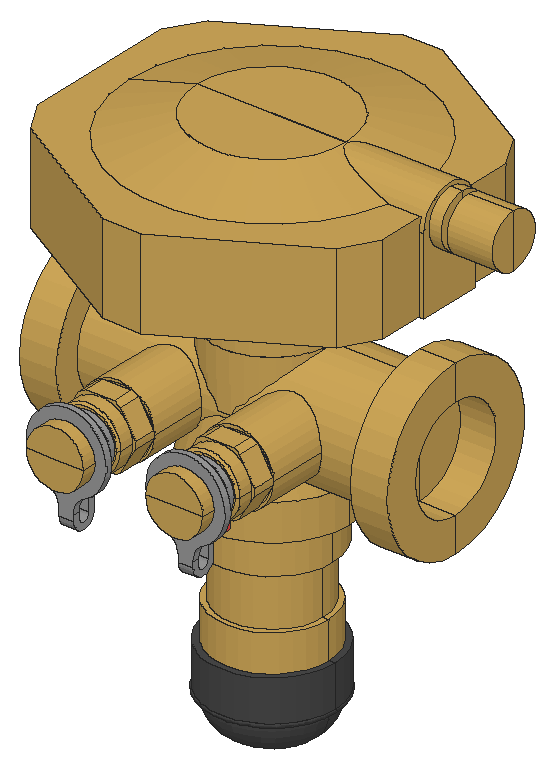
Revit family "Pressure independent control valve 4206_M", category Rohrzubehör, Revit 2018
Family settings
  Bemaßung runder Anschluss = Durchmesser verwenden
  Teiletyp = Unterbricht
  OmniClass-Nummer = 23.65.55.14
  OmniClass-Titel = Valves for Liquid Services
  Arbeitsebenenbasiert = Nein
  Immer vertikal = Ja
  Beim Laden mit Abzugskörper schneiden = Nein
  Gemeinsam genutzt = Nein
Parameters
  min. Operating temperature (antifreeze) = -20 °C  # constant formula
  max. Operating temperature till DN32 = 130 °C  # constant formula
  max. Operating temperature from DN40 = 110 °C  # constant formula
  max. Operating pressure = 2500000.0 Pa  # constant formula
  URL = "www.herzvalves.com"
  Pin = "stainless steel 14301"  # constant formula
  SCRNSEQ = "ARM;ARM_TYP=\"DURR\";2"
  SCRNCODE = "05;04;02"  # constant formula
  S03 [instance] = H08 + (S02 / 2)  # 46.750 mm
  S02 [instance] = H09 + 4.700 mm  # 26.500 mm
  S01 [instance] = G01 * 2  # 42.000 mm
  R12 = 3.900 mm  # constant formula
  R11 = 6.500 mm  # constant formula
  R10 = 35.000 mm  # constant formula
  R09 = 18.250 mm  # constant formula
  R08 = 11.300 mm  # constant formula
  R07 [instance] = size_lookup("4206M_", "R7", 17.300 mm, Nennweite)  # 17.300 mm
  R06 [instance] = size_lookup("4206M_", "R6", 19.000 mm, Nennweite)  # 19.000 mm
  R05 = 15.000 mm  # constant formula
  R04 = 12.500 mm  # constant formula
  R02 [instance] = size_lookup("4206M_", "R2", 15.000 mm, Nennweite)  # 15.000 mm
  R01 [instance] = size_lookup("4206M_", "R1", 11.500 mm, Nennweite)  # 14.800 mm
  PN = 25  # constant formula
  O-Rings = "EPDM"  # constant formula
  Nennweite [instance] = 25.000 mm
  min. Operating temperature (pure water) = 2 °C  # constant formula
  Membrane housing = "brass CW602N"  # constant formula
  Membrane = "EPDM"  # constant formula
  Medium = "water purity in accordance with the ÖNORM H5195 and VDI 2035 standards\r\nthe use of ethylene and propylene glycol in a mixture ratio of 25 - 50% by volume [%] is permitted."
  L06 [instance] = L00 / 2  # 45.000 mm
  L05 = 11.000 mm  # constant formula
  L04 = 1.500 mm  # constant formula
  L03 = 3.200 mm  # constant formula
  L02 = 43.500 mm  # constant formula
  L01 [instance] = size_lookup("4206M_", "L1", 8.000 mm, Nennweite)  # 8.900 mm
  L00 [instance] = size_lookup("4206M_", "L", 66.000 mm, Nennweite)  # 90.000 mm
  Capillary pipe = "copper Cu-DHP (CW024A)"  # constant formula
  Stroke = 4.000 mm  # constant formula
  Hersteller = "Herz-Armaturen GmbH"  # constant formula
  H13 [instance] = H02 - H05 - H03 - H04 - 2.000 mm  # 21.700 mm
  H12 = 19.250 mm  # constant formula
  H11 [instance] = size_lookup("4206M_", "H11", 59.000 mm, Nennweite)  # 60.000 mm
  H10 [instance] = H08 + H09  # 55.300 mm
  H09 = 21.800 mm  # constant formula
  H08 [instance] = H01 + H06 + H07  # 33.500 mm
  H07 = 4.000 mm  # constant formula
  H06 [instance] = size_lookup("4206M_", "H6", 10.000 mm, Nennweite)  # 10.000 mm
  H05 = 9.000 mm  # constant formula
  H04 [instance] = size_lookup("4206M_", "H4", 9.600 mm, Nennweite)  # 9.600 mm
  H03 [instance] = size_lookup("4206M_", "H3", 13.000 mm, Nennweite)  # 13.000 mm
  H02 [instance] = size_lookup("4206M_", "H2", 55.300 mm, Nennweite)  # 55.300 mm
  H01 [instance] = size_lookup("4206M_", "H1", 18.500 mm, Nennweite)  # 19.500 mm
  Housing = "DZR brass CC770S"  # constant formula
  G03 [instance] = Nennweite / 2  # 12.500 mm
  G02 [instance] = size_lookup("4206M_", "G2", 13.900 mm, Nennweite)  # 13.900 mm
  G01 [instance] = size_lookup("4206M_", "G1", 13.200 mm, Nennweite)  # 21.000 mm
  Spring = "spring steel"  # constant formula
  DN50 [instance] = Nennweite = 50.000 mm  # no
  DN40 [instance] = Nennweite = 40.000 mm  # no
  DN32 [instance] = Nennweite = 32.000 mm  # no
  DN25 [instance] = Nennweite = 25.000 mm  # yes
  DN20 [instance] = Nennweite = 20.000 mm  # no
  DN15 [instance] = Nennweite = 15.000 mm  # no
  Bestellnummer [instance] = size_lookup("4206M_", "Artnr", 0, Nennweite)  # 1420613
  Protective cap = "plastic"  # constant formula
  Applicaton = "the Pressure Independent Balancing Control Valve (PIBCV) is used in all heating and cooling systems with circulation pumps.\r\nthe valve automatically maintains flow to the required part of the system at the set rate by measuring and immediately adjusting to any variation in pressure.\r\nno additional measurements are necessary and the correct flow rate is achieved at all operating conditions.\r\nthe diaphragm responds to the pressure upstream and downstream of the regulating valve (via an internal impulse line).\r\nthe valve settings directly affect the volumetric flow through the valve.\r\nit is thus possible to set the maximum flow rate based on the flow chart when the valve is fitted.\r\nthis allows for the balancing of heating circuits, cooling water systems, ceiling cooling and heating panels, air heaters, etc. without any need to first assess the pressure variations in the system.\r\nthe valve‘s principal application is as a control valve for terminal units."
Reference planes
  plane 1 "Mitte (Vorne/hinten)": y = 0
  plane 2: z = 0
  plane 3 "Mitte (Links/rechts)": x = 0
Forms (mm)
  Revolve 1, solid, material "Messing, weicher Gelbton, geschweißt", detail levels fine
    sketch origin (0, 0, 0) x (1, 0, 0) y (0, 0, 1)
      loop
        line (-36.1, 0) -> (36.1, 0) -> (36.1, 12.5) -> (45, 12.5) -> (45, 21) -> (36.1, 21) -> (36.1, 14.8) -> (-36.1, 14.8) -> (-36.1, 21) -> (-45, 21) -> (-45, 12.5) -> (-36.1, 12.5) -> (-36.1, 0)
      axis (-45, 0) -> (45, 0)
    angle from 0 to 360
  Revolve 2, solid, material "Messing, weicher Gelbton, geschweißt", detail levels fine
    sketch origin (0, 0, 0) x (1, 0, 0) y (0, 0, 1)
      loop
        line (0, -55.3) -> (0, 19.5) -> (-15, 19.5) -> (-15, 14.8) -> (-14.8, 0) -> (-19, -14.8) -> (-19, -23.7) -> (-15, -23.7) -> (-15, -33.3) -> (-12.5, -33.3) -> (-12.5, -46.3) -> (-13.9, -46.3) -> (-13.9, -55.3) -> (0, -55.3)
      axis (0, 19.5) -> (0, -55.3)
    angle from 0 to 360
  Revolve 3, solid, material "Messing, weicher Gelbton, geschweißt", detail levels fine
    sketch origin (0, 0, 0) x (1, 0, 0) y (0, 0, 1)
      loop
        line (0, 19.5) -> (0, 33.5) -> (-11.3, 33.5) -> (-11.3, 29.5) -> (-17.3, 29.5) -> (-17.3, 19.5) -> (0, 19.5)
      axis (0, 33.5) -> (0, 19.5)
    angle from 0 to 360
  Extrusion 4, solid, material "Messing, weicher Gelbton, geschweißt", detail levels fine
    sketch origin (0, 0, 0) x (0, -1, 0) y (1, 0, 0)
      loop
        line (-46, -4.75) -> (-27.114, -37.462) -> (-18.886, -42.212) -> (18.886, -42.212) -> (27.114, -37.462) -> (46, -4.75) -> (46, 4.75) -> (27.114, 37.462) -> (18.886, 42.212) -> (-18.886, 42.212) -> (-27.114, 37.462) -> (-46, 4.75) -> (-46, -4.75)
    from 33.5 to 55.3
  Revolve 5, solid, material "Messing, weicher Gelbton, geschweißt", detail levels fine
    sketch origin (0, 0, 0) x (1, 0, 0) y (0, 0, 1)
      loop
        line (0, 55.3) -> (0, 60) -> (-18.25, 60) -> (-35, 55.3) -> (0, 55.3)
      axis (0, 60) -> (0, 55.3)
    angle from 0 to 360
  Extrusion 6, solid, material "Messing, weicher Gelbton, geschweißt", detail levels fine
    sketch origin (0, 0, 0) x (0, 1, 0) y (0, 0, 1)
      loop
        arc (7.85, 52.15) -> (0, 60) -> (-7.85, 52.15) r 7.85
        line (-7.85, 52.15) -> (-7.85, 33.5) -> (7.85, 33.5) -> (7.85, 52.15)
    from 0 to 43.5
  Revolve 7, solid, material "Messing, weicher Gelbton, geschweißt", detail levels fine
    sketch origin (0, 0, 0) x (1, 0, 0) y (0, 0, 1)
      loop
        line (43.5, 52.75) -> (59.2, 52.75) -> (59.2, 59.25) -> (48.2, 59.25) -> (48.2, 56.65) -> (46.7, 56.65) -> (46.7, 59.25) -> (43.5, 59.25) -> (43.5, 52.75)
      axis (43.5, 52.75) -> (59.2, 52.75)
    angle from 0 to 360
  Revolve 8, solid, material "Messing, weicher Gelbton, geschweißt", visible <- "DN15", detail levels fine
    sketch origin (0, 0, 0) x (1, 0, 0) y (0, 1, 0)
      loop
        line (-12.5, 24) -> (-20.2, 24) -> (-20.2, 0) -> (-21.5, 0) -> (-21.5, -27) -> (-12.5, -27) -> (-12.5, 24)
      axis (-12.5, 24) -> (-12.5, -27)
    angle from 0 to 360
  Revolve 9, solid, material "Messing, weicher Gelbton, geschweißt", visible <- "DN15", detail levels fine
    sketch origin (-12.5, 0, 0) x (0, 1, 0) y (0, 0, 1)
      loop
        line (24, 0) -> (39.7, 0) -> (39.7, 6.5) -> (28.7, 6.5) -> (28.7, 3.9) -> (27.2, 3.9) -> (27.2, 6.5) -> (24, 6.5) -> (24, 0)
      axis (24, 0) -> (39.7, 0)
    angle from 0 to 360
  Revolve 10, solid, material "Messing, weicher Gelbton, geschweißt", visible <- "DN15", detail levels fine
    sketch origin (0, 0, 0) x (1, 0, 0) y (0, 1, 0)
      loop
        line (12.5, 0) -> (12.5, -27) -> (21.6, -27) -> (21.6, 0) -> (12.5, 0)
      axis (12.5, 0) -> (12.5, -27)
    angle from 0 to 360
  Revolve 11, solid, material "Messing, weicher Gelbton, geschweißt", visible <- "DN20", detail levels fine
    sketch origin (-2, 0, 0) x (1, 0, 0) y (0, 1, 0)
      loop
        line (-12.5, 27) -> (-20.2, 27) -> (-20.2, 0) -> (-21.5, 0) -> (-21.5, -29) -> (-12.5, -29) -> (-12.5, 27)
      axis (-12.5, 27) -> (-12.5, -29)
    angle from 0 to 360
  Revolve 12, solid, material "Messing, weicher Gelbton, geschweißt", visible <- "DN20", detail levels fine
    sketch origin (2, 0, 0) x (1, 0, 0) y (0, 1, 0)
      loop
        line (12.5, 0) -> (12.5, -29) -> (21.6, -29) -> (21.6, 0) -> (12.5, 0)
      axis (12.5, 0) -> (12.5, -29)
    angle from 0 to 360
  Revolve 13, solid, material "Messing, weicher Gelbton, geschweißt", visible <- "DN20", detail levels fine
    sketch origin (-14.5, 3, 0) x (0, 1, 0) y (0, 0, 1)
      loop
        line (24, 0) -> (39.7, 0) -> (39.7, 6.5) -> (28.7, 6.5) -> (28.7, 3.9) -> (27.2, 3.9) -> (27.2, 6.5) -> (24, 6.5) -> (24, 0)
      axis (24, 0) -> (39.7, 0)
    angle from 0 to 360
  Revolve 14, solid, material "Messing, weicher Gelbton, geschweißt", visible <- "DN25", detail levels fine
    sketch origin (-2.1, 0, 0) x (1, 0, 0) y (0, 1, 0)
      loop
        line (-12.5, 27) -> (-20.2, 27) -> (-20.2, 0) -> (-21.5, 0) -> (-21.5, -29) -> (-12.5, -29) -> (-12.5, 27)
      axis (-12.5, 27) -> (-12.5, -29)
    angle from 0 to 360
  Revolve 15, solid, material "Messing, weicher Gelbton, geschweißt", visible <- "DN25", detail levels fine
    sketch origin (-14.6, 3, 0) x (0, 1, 0) y (0, 0, 1)
      loop
        line (24, 0) -> (39.7, 0) -> (39.7, 6.5) -> (28.7, 6.5) -> (28.7, 3.9) -> (27.2, 3.9) -> (27.2, 6.5) -> (24, 6.5) -> (24, 0)
      axis (24, 0) -> (39.7, 0)
    angle from 0 to 360
  Revolve 16, solid, material "Messing, weicher Gelbton, geschweißt", visible <- "DN25", detail levels fine
    sketch origin (2.1, 0, 0) x (1, 0, 0) y (0, 1, 0)
      loop
        line (12.5, 0) -> (12.5, -29) -> (21.6, -29) -> (21.6, 0) -> (12.5, 0)
      axis (12.5, 0) -> (12.5, -29)
    angle from 0 to 360
  Revolve 17, solid, material "Messing, weicher Gelbton, geschweißt", visible <- "DN32", detail levels fine
    sketch origin (0, 0, 0.637) x (1, 0, 0) y (0, 0, 1)
      loop
        line (-31.5, -0.637) -> (-40.5, -0.637) -> (-40.5, -43.437) -> (-31.5, -43.437) -> (-31.5, -0.637)
      axis (-31.5, -43.437) -> (-31.5, -0.637)
    angle from 0 to 360
  Revolve 18, solid, material "Messing, weicher Gelbton, geschweißt", visible <- "DN32", detail levels fine
    sketch origin (0, 0, 0.637) x (-1, 0, 0) y (0, 0, 1)
      loop
        line (-31.5, -0.637) -> (-40.5, -0.637) -> (-40.5, -43.437) -> (-31.5, -43.437) -> (-31.5, -0.637)
      axis (-31.5, -43.437) -> (-31.5, -0.637)
    angle from 0 to 360
  Revolve 19, solid, material "Messing, weicher Gelbton, geschweißt", visible <- "DN40", detail levels fine
    sketch origin (0, 0, 0) x (1, 0, 0) y (0, 0, 1)
      loop
        line (-37, 0) -> (-46, 0) -> (-46, -54.2) -> (-37, -54.2) -> (-37, 0)
      axis (-37, 0) -> (-37, -54.2)
    angle from 0 to 360
  Revolve 20, solid, material "Messing, weicher Gelbton, geschweißt", visible <- "DN40", detail levels fine
    sketch origin (0, 0, 0) x (-1, 0, 0) y (0, 0, 1)
      loop
        line (-37, 0) -> (-46, 0) -> (-46, -54.2) -> (-37, -54.2) -> (-37, 0)
      axis (-37, 0) -> (-37, -54.2)
    angle from 0 to 360
  Revolve 21, solid, material "Messing, weicher Gelbton, geschweißt", visible <- "DN50", detail levels fine
    sketch origin (-0.1, 0, 0) x (1, 0, 0) y (0, 0, 1)
      loop
        line (-37, 0) -> (-46, 0) -> (-46, -54.2) -> (-37, -54.2) -> (-37, 0)
      axis (-37, 0) -> (-37, -54.2)
    angle from 0 to 360
  Revolve 22, solid, material "Messing, weicher Gelbton, geschweißt", visible <- "DN50", detail levels fine
    sketch origin (0.1, 0, 0) x (-1, 0, 0) y (0, 0, 1)
      loop
        line (-37, 0) -> (-46, 0) -> (-46, -54.2) -> (-37, -54.2) -> (-37, 0)
      axis (-37, 0) -> (-37, -54.2)
    angle from 0 to 360
  Revolve 23, solid, material "Messing, weicher Gelbton, geschweißt", visible <- "DN32", detail levels fine
    sketch origin (-9.5, 0, 0) x (1, 0, 0) y (0, 1, 0)
      loop
        line (-12.5, -31) -> (-12.5, 0) -> (-20.2, 0) -> (-20.2, -31) -> (-12.5, -31)
      axis (-12.5, 0) -> (-12.5, -31)
    angle from 0 to 360
  Revolve 24, solid, material "Messing, weicher Gelbton, geschweißt", visible <- "DN32", detail levels fine
    sketch origin (-22, -7, 0) x (0, -1, 0) y (0, 0, -1)
      loop
        line (24, 0) -> (24, -6.5) -> (27.2, -6.5) -> (27.2, -3.9) -> (28.7, -3.9) -> (28.7, -6.5) -> (39.7, -6.5) -> (39.7, 0) -> (24, 0)
      axis (24, 0) -> (39.7, 0)
    angle from 0 to 360
  Revolve 25, solid, material "Messing, weicher Gelbton, geschweißt", visible <- "DN40", detail levels fine
    sketch origin (-17.5, 0, 0) x (1, 0, 0) y (0, 1, 0)
      loop
        line (-12.5, -39.5) -> (-12.5, 0) -> (-20.2, 0) -> (-20.2, -39.5) -> (-12.5, -39.5)
      axis (-12.5, 0) -> (-12.5, -39.5)
    angle from 0 to 360
  Revolve 26, solid, material "Messing, weicher Gelbton, geschweißt", visible <- "DN40", detail levels fine
    sketch origin (-30, -15.5, 0) x (0, -1, 0) y (0, 0, -1)
      loop
        line (24, 0) -> (24, -6.5) -> (27.2, -6.5) -> (27.2, -3.9) -> (28.7, -3.9) -> (28.7, -6.5) -> (39.7, -6.5) -> (39.7, 0) -> (24, 0)
      axis (24, 0) -> (39.7, 0)
    angle from 0 to 360
  Revolve 27, solid, material "Messing, weicher Gelbton, geschweißt", visible <- "DN50", detail levels fine
    sketch origin (-17.6, 0, 0) x (1, 0, 0) y (0, 1, 0)
      loop
        line (-12.5, -39.5) -> (-12.5, 0) -> (-20.2, 0) -> (-20.2, -39.5) -> (-12.5, -39.5)
      axis (-12.5, 0) -> (-12.5, -39.5)
    angle from 0 to 360
  Revolve 28, solid, material "Messing, weicher Gelbton, geschweißt", visible <- "DN50", detail levels fine
    sketch origin (-30.1, -15.5, 0) x (0, -1, 0) y (0, 0, -1)
      loop
        line (24, 0) -> (24, -6.5) -> (27.2, -6.5) -> (27.2, -3.9) -> (28.7, -3.9) -> (28.7, -6.5) -> (39.7, -6.5) -> (39.7, 0) -> (24, 0)
      axis (24, 0) -> (39.7, 0)
    angle from 0 to 360
Lines and regions (mm)
  model lines, detail levels coarse+medium
    curve 1: line (-45, 0, 21) -> (-45, 0, -21)
    curve 2: line (-45, 0, -21) -> (45, 0, 21)
    curve 3: line (45, 0, 21) -> (45, 0, -21)
    curve 4: line (45, 0, -21) -> (-45, 0, 21)
    curve 5: line (0, 0, 19.5) -> (0, 0, 33.5)
    curve 6: spline (-43.5, 0, 46.75) -> (-42.018, 0, 50.179) -> (-37.672, 0, 53.375) -> (-30.759, 0, 56.119) -> (-21.75, 0, 58.225) -> (-11.259, 0, 59.549) -> (0, 0, 60) -> (11.259, 0, 59.549) -> (21.75, 0, 58.225) -> (30.759, 0, 56.119) -> (37.672, 0, 53.375) -> (42.018, 0, 50.179) -> (43.5, 0, 46.75) -> (42.018, 0, 43.321) -> (37.672, 0, 40.125) -> (30.759, 0, 37.381) -> (21.75, 0, 35.275) -> (11.259, 0, 33.951) -> (0, 0, 33.5) -> (-11.259, 0, 33.951) -> (-21.75, 0, 35.275) -> (-30.759, 0, 37.381) -> (-37.672, 0, 40.125) -> (-42.018, 0, 43.321) -> (-43.5, 0, 46.75)
    curve 7: line (-45, 21, 0) -> (-45, -21, 0)
    curve 8: line (-45, -21, 0) -> (45, 21, 0)
    curve 9: line (45, 21, 0) -> (45, -21, 0)
    curve 10: line (45, -21, 0) -> (-45, 21, 0)
    curve 11: line (0, -19.5, 0) -> (0, -33.5, 0)
    curve 12: spline (-43.5, -46.75, 0) -> (-42.018, -50.179, 0) -> (-37.672, -53.375, 0) -> (-30.759, -56.119, 0) -> (-21.75, -58.225, 0) -> (-11.259, -59.549, 0) -> (0, -60, 0) -> (11.259, -59.549, 0) -> (21.75, -58.225, 0) -> (30.759, -56.119, 0) -> (37.672, -53.375, 0) -> (42.018, -50.179, 0) -> (43.5, -46.75, 0) -> (42.018, -43.321, 0) -> (37.672, -40.125, 0) -> (30.759, -37.381, 0) -> (21.75, -35.275, 0) -> (11.259, -33.951, 0) -> (0, -33.5, 0) -> (-11.259, -33.951, 0) -> (-21.75, -35.275, 0) -> (-30.759, -37.381, 0) -> (-37.672, -40.125, 0) -> (-42.018, -43.321, 0) -> (-43.5, -46.75, 0)
    curve 13: line (0, 0, 19.5) -> (-22.5, 0, 10.5)
    curve 14: line (0, 0, 19.5) -> (22.5, 0, 10.5)
    curve 15: line (0, -19.5, 0) -> (-22.5, -10.5, 0)
    curve 16: line (0, -19.5, 0) -> (22.5, -10.5, 0)
Dimensions and locks
  equal spacing: Revolve 1 sketch curve, plane 3 "Mitte (Links/rechts)", Revolve 1 sketch curve
  "L00": Revolve 1 sketch curve to Revolve 1 sketch curve
  "G01": Revolve 1 sketch curve to Revolve 1 sketch curve  (x2)
  "R01": Revolve 1 sketch curve to Revolve 1 sketch curve
  "L01": Revolve 1 sketch curve to Revolve 1 sketch curve  (x4)
  "H01": Revolve 2 sketch curve to plane 2
  "R01": Revolve 2 sketch curve to plane 2
  "R02": Revolve 2 sketch curve to Revolve 2 sketch curve
  "R01": Revolve 2 sketch curve to Revolve 2 sketch curve
  "H02": plane 2 to Revolve 2 sketch curve
  "G02": plane 3 "Mitte (Links/rechts)" to Revolve 2 sketch curve
  "H05": Revolve 2 sketch curve to Revolve 2 sketch curve
  "R04": Revolve 2 sketch curve to Revolve 2 sketch curve
  "R05": Revolve 2 sketch curve to Revolve 2 sketch curve
  "R06": Revolve 2 sketch curve to Revolve 2 sketch curve
  "R01": plane 2 to Revolve 2 sketch curve
  "H03": Revolve 2 sketch curve to Revolve 2 sketch curve
  "H04": Revolve 2 sketch curve to Revolve 2 sketch curve
  "H01": Revolve 3 sketch curve to plane 2
  "H06": Revolve 3 sketch curve to Revolve 3 sketch curve
  "R07": Revolve 3 sketch curve to Revolve 3 sketch curve
  "H07": Revolve 3 sketch curve to Revolve 3 sketch curve
  "R08": Revolve 3 sketch curve to Revolve 3 sketch curve
  "H08": Extrusion 4 to plane 2
  "H09": Extrusion 4 to Extrusion 4
  "H10": Revolve 5 sketch curve to plane 2
  "H11": Revolve 5 sketch curve to plane 2
  "R09": Revolve 5 sketch curve to Revolve 5 sketch curve
  "R10": Revolve 5 sketch curve to Revolve 5 sketch curve
  "L02": Extrusion 6 to plane 3 "Mitte (Links/rechts)"
  "H08": Extrusion 6 to plane 2
  "H12": Revolve 7 sketch curve to Extrusion 4
  "R11": Revolve 7 sketch curve to Revolve 7 sketch curve  (x2)
  "L03": Revolve 7 sketch curve to Revolve 7 sketch curve
  "L04": Revolve 7 sketch curve to Revolve 7 sketch curve
  "L05": Revolve 7 sketch curve to Revolve 7 sketch curve
  "R12": Revolve 7 sketch curve to Revolve 7 sketch curve
  "R11": Revolve 9 sketch curve to Revolve 9 sketch curve  (x2)
  "L03": Revolve 9 sketch curve to Revolve 9 sketch curve
  "L04": Revolve 9 sketch curve to Revolve 9 sketch curve
  "L05": Revolve 9 sketch curve to Revolve 9 sketch curve
  "R12": Revolve 9 sketch curve to Revolve 9 sketch curve
  "R06": plane 1 "Mitte (Vorne/hinten)" to nested 1
  Revolve 11 sketch curve to plane 1 "Mitte (Vorne/hinten)" = 29.000 mm
  plane 1 "Mitte (Vorne/hinten)" to Revolve 11 sketch curve = 27.000 mm
  Revolve 12 sketch curve to plane 1 "Mitte (Vorne/hinten)" = 29.000 mm
  "R11": Revolve 13 sketch curve to Revolve 13 sketch curve  (x2)
  "L03": Revolve 13 sketch curve to Revolve 13 sketch curve
  "L04": Revolve 13 sketch curve to Revolve 13 sketch curve
  "L05": Revolve 13 sketch curve to Revolve 13 sketch curve
  "R12": Revolve 13 sketch curve to Revolve 13 sketch curve
  "H13": plane 2 to nested 1
  "R11": Revolve 15 sketch curve to Revolve 15 sketch curve  (x2)
  "L03": Revolve 15 sketch curve to Revolve 15 sketch curve
  "L04": Revolve 15 sketch curve to Revolve 15 sketch curve
  "L05": Revolve 15 sketch curve to Revolve 15 sketch curve
  "R12": Revolve 15 sketch curve to Revolve 15 sketch curve
  plane 3 "Mitte (Links/rechts)" to Revolve 17 sketch curve = 31.500 mm
  Revolve 17 sketch curve to Revolve 17 sketch curve = 9.000 mm
  plane 2 to Revolve 17 sketch curve = 42.800 mm
  Revolve 18 sketch curve to Revolve 18 sketch curve = 9.000 mm
  "H02": plane 2 to nested 2
  "G03": Revolve 1 sketch curve to plane 2  (x2)
  "S01": curve 4 to curve 2
  equal spacing: curve 4, plane 2, curve 2
  "S01": curve 3 to curve 4
  equal spacing: curve 3, plane 2, curve 4
  equal spacing: curve 1, plane 3 "Mitte (Links/rechts)", curve 3
  "L00": curve 1 to curve 3
  "H08": curve 5 to plane 2
  "S02": curve 6 to curve 6
  "L02": curve 6 to plane 3 "Mitte (Links/rechts)" to curve 6
  equal spacing: curve 7, plane 3 "Mitte (Links/rechts)", curve 9
  "L00": curve 7 to curve 9
  "S01": curve 10 to curve 8
  equal spacing: curve 8, plane 1 "Mitte (Vorne/hinten)", curve 10
  equal spacing: curve 10, plane 1 "Mitte (Vorne/hinten)", curve 9
  "S01": curve 9 to curve 10
  "H08": curve 11 to plane 1 "Mitte (Vorne/hinten)"
  "S03": curve 6 to plane 2
  "S02": curve 12 to curve 12
  "L02": curve 12 to plane 3 "Mitte (Links/rechts)" to curve 12
  "S03": curve 12 to plane 1 "Mitte (Vorne/hinten)"
  equal spacing: plane 3 "Mitte (Links/rechts)", curve 13, curve 4
  equal spacing: curve 3, curve 14, plane 3 "Mitte (Links/rechts)"
  equal spacing: plane 3 "Mitte (Links/rechts)", curve 15, curve 8
  equal spacing: curve 10, curve 16, plane 3 "Mitte (Links/rechts)"
  "H01": curve 14 to plane 2
  "H01": curve 16 to plane 1 "Mitte (Vorne/hinten)"
  "R11": Revolve 24 sketch curve to Revolve 24 sketch curve  (x2)
  "L03": Revolve 24 sketch curve to Revolve 24 sketch curve
  "L04": Revolve 24 sketch curve to Revolve 24 sketch curve
  "L05": Revolve 24 sketch curve to Revolve 24 sketch curve
  "R12": Revolve 24 sketch curve to Revolve 24 sketch curve
  Revolve 23 sketch curve to Revolve 23 sketch curve = 31.000 mm
  "R11": Revolve 26 sketch curve to Revolve 26 sketch curve  (x2)
  "L03": Revolve 26 sketch curve to Revolve 26 sketch curve
  "L04": Revolve 26 sketch curve to Revolve 26 sketch curve
  "L05": Revolve 26 sketch curve to Revolve 26 sketch curve
  "R12": Revolve 26 sketch curve to Revolve 26 sketch curve
  Revolve 25 sketch curve to Revolve 25 sketch curve = 39.500 mm
  "R11": Revolve 28 sketch curve to Revolve 28 sketch curve  (x2)
  "L03": Revolve 28 sketch curve to Revolve 28 sketch curve
  "L04": Revolve 28 sketch curve to Revolve 28 sketch curve
  "L05": Revolve 28 sketch curve to Revolve 28 sketch curve
  "R12": Revolve 28 sketch curve to Revolve 28 sketch curve
  Revolve 27 sketch curve to Revolve 27 sketch curve = 39.500 mm
  aligned and locked: level to plane 2
Automatic sketch dimensions
  plane 3 "Mitte (Links/rechts)" to Extrusion 4 sketch curve = 4.750 mm  (x2)
  Extrusion 4 sketch curve to plane 1 "Mitte (Vorne/hinten)" = 46.000 mm
  Extrusion 4 sketch curve to plane 1 "Mitte (Vorne/hinten)" = 27.114 mm  (x2)
  Extrusion 4 sketch curve to Extrusion 4 sketch curve = 8.227 mm  (x4)
  plane 1 "Mitte (Vorne/hinten)" to Extrusion 4 sketch curve = 18.886 mm  (x2)
  Extrusion 4 sketch curve to Extrusion 4 sketch curve = 18.886 mm
  Extrusion 4 sketch curve to plane 3 "Mitte (Links/rechts)" = 4.750 mm  (x2)
  Extrusion 4 sketch curve to plane 3 "Mitte (Links/rechts)" = 37.462 mm  (x2)
  Extrusion 4 sketch curve to Extrusion 4 sketch curve = 4.750 mm  (x2)
  plane 3 "Mitte (Links/rechts)" to Extrusion 4 sketch curve = 37.462 mm  (x2)
  Extrusion 6 sketch curve to plane 1 "Mitte (Vorne/hinten)" = 0.000 mm
  plane 1 "Mitte (Vorne/hinten)" to Extrusion 6 sketch curve = 7.850 mm
  level to Extrusion 6 sketch curve = 33.500 mm
  Extrusion 6 sketch curve to Extrusion 6 sketch curve = 18.650 mm
  Extrusion 6 sketch curve to Extrusion 6 sketch curve = 0.000 mm
  plane 1 "Mitte (Vorne/hinten)" to Revolve 8 sketch curve = 0.000 mm
  Revolve 8 sketch curve to plane 3 "Mitte (Links/rechts)" = 21.500 mm
  Revolve 8 sketch curve to plane 3 "Mitte (Links/rechts)" = 20.200 mm
  Revolve 8 sketch curve to Revolve 8 sketch curve = 7.700 mm
  plane 1 "Mitte (Vorne/hinten)" to Revolve 8 sketch curve = 27.000 mm
  Revolve 8 sketch curve to plane 1 "Mitte (Vorne/hinten)" = 24.000 mm
  Revolve 8 sketch curve to Revolve 8 sketch curve = 0.000 mm  (x3)
  plane 1 "Mitte (Vorne/hinten)" to Revolve 10 sketch curve = 0.000 mm  (x2)
  plane 3 "Mitte (Links/rechts)" to Revolve 10 sketch curve = 12.500 mm
  Revolve 10 sketch curve to Revolve 10 sketch curve = 9.100 mm
  plane 1 "Mitte (Vorne/hinten)" to Revolve 10 sketch curve = 27.000 mm
  Revolve 10 sketch curve to Revolve 10 sketch curve = 0.000 mm  (x2)
  plane 1 "Mitte (Vorne/hinten)" to Revolve 11 sketch curve = 0.000 mm
  Revolve 11 sketch curve to plane 3 "Mitte (Links/rechts)" = 23.500 mm
  Revolve 11 sketch curve to plane 3 "Mitte (Links/rechts)" = 22.200 mm
  Revolve 11 sketch curve to Revolve 11 sketch curve = 7.700 mm
  Revolve 11 sketch curve to Revolve 11 sketch curve = 0.000 mm
  Revolve 11 sketch curve to Revolve 11 sketch curve = 2.000 mm
  Revolve 11 sketch curve to Revolve 11 sketch curve = 3.000 mm
  plane 1 "Mitte (Vorne/hinten)" to Revolve 12 sketch curve = 0.000 mm  (x2)
  plane 3 "Mitte (Links/rechts)" to Revolve 12 sketch curve = 14.500 mm
  Revolve 12 sketch curve to Revolve 12 sketch curve = 9.100 mm
  Revolve 12 sketch curve to Revolve 12 sketch curve = 0.000 mm
  Revolve 12 sketch curve to Revolve 12 sketch curve = 2.000 mm
  plane 1 "Mitte (Vorne/hinten)" to Revolve 14 sketch curve = 0.000 mm
  Revolve 14 sketch curve to plane 3 "Mitte (Links/rechts)" = 23.600 mm
  Revolve 14 sketch curve to plane 3 "Mitte (Links/rechts)" = 22.300 mm
  Revolve 14 sketch curve to Revolve 14 sketch curve = 7.700 mm
  plane 1 "Mitte (Vorne/hinten)" to Revolve 14 sketch curve = 29.000 mm
  Revolve 14 sketch curve to Revolve 14 sketch curve = 27.000 mm
  Revolve 14 sketch curve to Revolve 14 sketch curve = 0.000 mm
  Revolve 14 sketch curve to Revolve 14 sketch curve = 2.000 mm
  Revolve 14 sketch curve to Revolve 14 sketch curve = 3.000 mm
  plane 1 "Mitte (Vorne/hinten)" to Revolve 16 sketch curve = 0.000 mm  (x2)
  plane 3 "Mitte (Links/rechts)" to Revolve 16 sketch curve = 14.600 mm
  Revolve 16 sketch curve to Revolve 16 sketch curve = 9.100 mm
  Revolve 16 sketch curve to Revolve 16 sketch curve = 29.000 mm
  Revolve 16 sketch curve to Revolve 16 sketch curve = 0.000 mm
  Revolve 16 sketch curve to Revolve 16 sketch curve = 2.000 mm
  Revolve 17 sketch curve to level = 0.000 mm
  Revolve 17 sketch curve to Revolve 17 sketch curve = 0.000 mm
  Revolve 17 sketch curve to Revolve 17 sketch curve = 4.238 mm
  level to Revolve 17 sketch curve = 0.637 mm
  Revolve 18 sketch curve to level = 0.000 mm
  Revolve 18 sketch curve to plane 3 "Mitte (Links/rechts)" = 40.500 mm
  level to Revolve 18 sketch curve = 42.800 mm
  Revolve 18 sketch curve to Revolve 18 sketch curve = 0.000 mm
  Revolve 18 sketch curve to Revolve 18 sketch curve = 4.238 mm
  Revolve 18 sketch curve to level = 0.637 mm
  Revolve 19 sketch curve to level = 0.000 mm  (x2)
  Revolve 19 sketch curve to plane 3 "Mitte (Links/rechts)" = 46.000 mm
  Revolve 19 sketch curve to Revolve 19 sketch curve = 9.000 mm
  Revolve 19 sketch curve to level = 54.200 mm
  Revolve 19 sketch curve to Revolve 19 sketch curve = 0.000 mm  (x2)
  Revolve 20 sketch curve to level = 0.000 mm  (x2)
  Revolve 20 sketch curve to plane 3 "Mitte (Links/rechts)" = 46.000 mm
  Revolve 20 sketch curve to Revolve 20 sketch curve = 9.000 mm
  level to Revolve 20 sketch curve = 54.200 mm
  Revolve 20 sketch curve to Revolve 20 sketch curve = 0.000 mm  (x2)
  Revolve 21 sketch curve to level = 0.000 mm  (x2)
  Revolve 21 sketch curve to plane 3 "Mitte (Links/rechts)" = 46.100 mm
  Revolve 21 sketch curve to Revolve 21 sketch curve = 9.000 mm
  Revolve 21 sketch curve to Revolve 21 sketch curve = 54.200 mm
  Revolve 21 sketch curve to Revolve 21 sketch curve = 0.000 mm  (x2)
  Revolve 22 sketch curve to level = 0.000 mm  (x2)
  Revolve 22 sketch curve to plane 3 "Mitte (Links/rechts)" = 46.100 mm
  Revolve 22 sketch curve to Revolve 22 sketch curve = 9.000 mm
  Revolve 22 sketch curve to Revolve 22 sketch curve = 54.200 mm
  Revolve 22 sketch curve to Revolve 22 sketch curve = 0.000 mm  (x2)
  plane 1 "Mitte (Vorne/hinten)" to Revolve 23 sketch curve = 0.000 mm  (x2)
  Revolve 23 sketch curve to plane 3 "Mitte (Links/rechts)" = 29.700 mm
  Revolve 23 sketch curve to Revolve 23 sketch curve = 7.700 mm
  Revolve 23 sketch curve to Revolve 23 sketch curve = 0.000 mm
  Revolve 23 sketch curve to Revolve 23 sketch curve = 7.000 mm
  plane 1 "Mitte (Vorne/hinten)" to Revolve 25 sketch curve = 0.000 mm  (x2)
  Revolve 25 sketch curve to plane 3 "Mitte (Links/rechts)" = 37.700 mm
  Revolve 25 sketch curve to Revolve 25 sketch curve = 7.700 mm
  Revolve 25 sketch curve to Revolve 25 sketch curve = 0.000 mm
  Revolve 25 sketch curve to Revolve 25 sketch curve = 15.500 mm
  plane 1 "Mitte (Vorne/hinten)" to Revolve 27 sketch curve = 0.000 mm  (x2)
  Revolve 27 sketch curve to plane 3 "Mitte (Links/rechts)" = 37.800 mm
  Revolve 27 sketch curve to Revolve 27 sketch curve = 7.700 mm
  Revolve 27 sketch curve to Revolve 27 sketch curve = 0.000 mm
  Revolve 27 sketch curve to Revolve 27 sketch curve = 15.500 mm
  curve 13 to plane 3 "Mitte (Links/rechts)" = 0.000 mm
  curve 15 to plane 3 "Mitte (Links/rechts)" = 0.000 mm
  Revolve 1 sketch curve to level = 0.000 mm  (x2)
  Revolve 1 sketch curve to Revolve 1 sketch curve = 0.000 mm
  Revolve 1 sketch curve to Revolve 1 sketch curve = 1806.148 mm
  Revolve 2 sketch curve to level = 0.000 mm
  Revolve 2 sketch curve to plane 3 "Mitte (Links/rechts)" = 0.000 mm  (x2)
  Revolve 2 sketch curve to Revolve 2 sketch curve = 310.745 mm
  Revolve 2 sketch curve to Revolve 2 sketch curve = 2195.815 mm
  Revolve 3 sketch curve to plane 3 "Mitte (Links/rechts)" = 0.000 mm  (x2)
  Revolve 3 sketch curve to level = 366.045 mm
  Revolve 3 sketch curve to Revolve 3 sketch curve = 2178.815 mm
  Revolve 5 sketch curve to plane 3 "Mitte (Links/rechts)" = 0.000 mm  (x2)
  Revolve 5 sketch curve to level = 366.045 mm
  Revolve 5 sketch curve to Revolve 5 sketch curve = 2155.315 mm
  plane 3 "Mitte (Links/rechts)" to Revolve 7 sketch curve = 43.500 mm
  Revolve 7 sketch curve to Revolve 7 sketch curve = 0.000 mm  (x3)
  Revolve 9 sketch curve to level = 0.000 mm  (x2)
  Revolve 9 sketch curve to plane 1 "Mitte (Vorne/hinten)" = 24.000 mm
  Revolve 9 sketch curve to Revolve 9 sketch curve = 0.000 mm  (x2)
  Revolve 13 sketch curve to level = 0.000 mm  (x2)
  Revolve 13 sketch curve to plane 1 "Mitte (Vorne/hinten)" = 27.000 mm
  Revolve 13 sketch curve to Revolve 13 sketch curve = 0.000 mm  (x2)
  Revolve 15 sketch curve to level = 0.000 mm  (x2)
  Revolve 15 sketch curve to plane 1 "Mitte (Vorne/hinten)" = 27.000 mm
  Revolve 15 sketch curve to Revolve 15 sketch curve = 0.000 mm  (x2)
  Revolve 24 sketch curve to level = 0.000 mm  (x2)
  plane 1 "Mitte (Vorne/hinten)" to Revolve 24 sketch curve = 31.000 mm
  Revolve 24 sketch curve to Revolve 24 sketch curve = 0.000 mm  (x2)
  Revolve 26 sketch curve to level = 0.000 mm  (x2)
  plane 1 "Mitte (Vorne/hinten)" to Revolve 26 sketch curve = 39.500 mm
  Revolve 26 sketch curve to Revolve 26 sketch curve = 0.000 mm  (x2)
  Revolve 28 sketch curve to level = 0.000 mm  (x2)
  plane 1 "Mitte (Vorne/hinten)" to Revolve 28 sketch curve = 39.500 mm
  Revolve 28 sketch curve to Revolve 28 sketch curve = 0.000 mm  (x2)
Nested families
  nested 1: "Herz-Logo-vorne" at (-0.018, -19, -17.2) x (0, 1, 0) z (0, 0, 1), type "Herz-Logo-vorne", detail levels fine
  nested 2: "Bauschutzkappe für Kombiventil" at (0, 0, -55.3), type "Bauschutzkappe für Kombiventil", detail levels fine
  nested 3: "Messstutzen_Band_Eintritt" at (-14.5, -11.5, 0), visible <- "DN20", type "Messstutzen_Band_Eintritt"
    with Schutzkappe yes, Nennweite 0.000 mm, Gewicht 0.00 kg, Bestellnummer 0
  nested 4: "Messstutzen_Band_Eintritt" at (-14.6, -11.5, 0), visible <- "DN25", type "Messstutzen_Band_Eintritt"
    with Schutzkappe yes, Nennweite 0.000 mm, Gewicht 0.00 kg, Bestellnummer 0
  nested 5: "Messstutzen_Band_Eintritt" at (-12.5, -9.5, 0), visible <- "DN15", type "Messstutzen_Band_Eintritt"
    with Schutzkappe yes, Nennweite 0.000 mm, Gewicht 0.00 kg, Bestellnummer 0
  nested 6: "Messstutzen_Band_Austritt" at (12.5, -9.5, 0), visible <- "DN15", type "Messstutzen_Band_Austritt"
    with Schutzkappe yes, Nennweite 0.000 mm, Gewicht 0.00 kg, Bestellnummer 0
  nested 7: "Messstutzen_Band_Austritt" at (14.6, -11.5, 0), visible <- "DN25", type "Messstutzen_Band_Austritt"
    with Schutzkappe yes, Nennweite 0.000 mm, Gewicht 0.00 kg, Bestellnummer 0
  nested 8: "Messstutzen_Band_Austritt" at (14.5, -11.5, 0), visible <- "DN20", type "Messstutzen_Band_Austritt"
    with Schutzkappe yes, Nennweite 0.000 mm, Gewicht 0.00 kg, Bestellnummer 0
  nested 9: "Messstutzen_Band_Austritt_senkrecht" at (37, 0, -36.7), visible <- "DN40", type "Messstutzen_Band_Austritt_senkrecht"
    with Schutzkappe yes, Nennweite 0.000 mm, Gewicht 0.00 kg, Bestellnummer 0
  nested 10: "Messstutzen_Band_Austritt_senkrecht" at (37.1, 0, -36.7), visible <- "DN50", type "Messstutzen_Band_Austritt_senkrecht"
    with Schutzkappe yes, Nennweite 0.000 mm, Gewicht 0.00 kg, Bestellnummer 0
  nested 11: "Messstutzen_Band_Austritt_senkrecht" at (31.5, 0, -25.3), visible <- "DN32", type "Messstutzen_Band_Austritt_senkrecht"
    with Schutzkappe yes, Nennweite 0.000 mm, Gewicht 0.00 kg, Bestellnummer 0
  nested 12: "Messstutzen_Band_Eintritt_senkrecht" at (-37, 0, -36.7), visible <- "DN40", type "Messstutzen_Band_Eintritt_senkrecht"
    with Schutzkappe yes, Nennweite 0.000 mm, Gewicht 0.00 kg, Bestellnummer 0
  nested 13: "Messstutzen_Band_Eintritt_senkrecht" at (-37.1, 0, -36.7), visible <- "DN50", type "Messstutzen_Band_Eintritt_senkrecht"
    with Schutzkappe yes, Nennweite 0.000 mm, Gewicht 0.00 kg, Bestellnummer 0
  nested 14: "Messstutzen_Band_Eintritt_senkrecht" at (-31.5, 0, -25.3), visible <- "DN32", type "Messstutzen_Band_Eintritt_senkrecht"
    with Schutzkappe yes, Nennweite 0.000 mm, Gewicht 0.00 kg, Bestellnummer 0
Connectors
  piping at (-36.1, 0, 0), diameter 25, driven by "Nennweite"
    settings: on Revolve 1, index 1, connector inside diameter 609.6 mm, connector length 0.000 mm, flow factor 0, pipe flow 0.0 L/s, pressure drop 0.0 Pa, fitting loss kfactor 0, connector angle 0.00°, fixture units 0, engagement length 0.000 mm, angle of deflection 0.00°, flow configuration 0, flow direction 2, fitting loss method 0, system type 29, joint type 0, gender type 0, connector reference index -1, connector utility 0, adjustable connector no, is connector primary yes, connector description ""
  piping at (36.1, 0, 0), diameter 25, driven by "Nennweite"
    settings: on Revolve 1, index 2, connector inside diameter 609.6 mm, connector length 0.000 mm, flow factor 0, pipe flow 0.0 L/s, pressure drop 0.0 Pa, fitting loss kfactor 0, connector angle 0.00°, fixture units 0, engagement length 0.000 mm, angle of deflection 0.00°, flow configuration 0, flow direction 1, fitting loss method 0, system type 29, joint type 0, gender type 0, connector reference index -1, connector utility 0, adjustable connector no, is connector primary no, connector description ""
Definition of nested family "Herz-Logo-vorne"
  Reference planes
    plane 1 "Mitte (Vorne/hinten)": y = 0
    plane 2: z = 0
    plane 3 "Mitte (Links/rechts)": x = 0
  Forms (mm)
    Extrusion 1, solid
      sketch origin (0.732, -0.018, 0.017) x (0, -1, 0) y (0, 0, 1)
        loop
          line (-0.018, -4.517) -> (4.482, -4.517) -> (4.482, 4.483) -> (-4.518, 4.483) -> (-4.518, -4.517) -> (-0.018, -4.517)
        loop
          line (-0.05, -3.48) -> (3.482, -3.48) -> (3.482, 3.483) -> (-3.518, 3.483) -> (-3.518, -3.48) -> (-0.05, -3.48)
        loop
          arc (-0.018, 2.383) -> (-1.543, 3.287) -> (-3.067, 2.383) r 1.738
          arc (-3.067, 2.383) -> (-3.191, 1.899) -> (-3.067, 1.415) r 1.009
          line (-3.067, 1.415) -> (-0.018, -3.281) -> (3.032, 1.415)
          arc (3.032, 1.415) -> (3.156, 1.899) -> (3.032, 2.383) r 1.009
          arc (3.032, 2.383) -> (1.507, 3.287) -> (-0.018, 2.383) r 1.738
        loop
          arc (1.885, 1.272) -> (2.005, 1.675) -> (1.885, 2.079) r 0.74
          arc (1.885, 2.079) -> (1.265, 2.416) -> (0.644, 2.079) r 0.74
          line (0.644, 2.079) -> (-0.018, 0.97) -> (-0.679, 2.079)
          arc (-0.679, 2.079) -> (-1.3, 2.416) -> (-1.921, 2.079) r 0.74
          arc (-1.921, 2.079) -> (-2.04, 1.675) -> (-1.921, 1.272) r 0.74
          line (-1.921, 1.272) -> (-0.018, -1.658) -> (1.885, 1.272)
      from 0 to 1.5
  Dimensions and locks
    aligned and locked: level to plane 2
Definition of nested family "Bauschutzkappe für Kombiventil"
  Reference planes
    plane 1 "Mitte (Vorne/hinten)": y = 0
    plane 2: z = 0
    plane 3 "Mitte (Links/rechts)": x = 0
  Forms (mm)
    Revolve 1, solid
      sketch origin (0, 0, 0) x (1, 0, 0) y (0, 0, 1)
        loop
          line (0, 0) -> (-15.5, 0) -> (-15.5, -10.067)
          arc (-15.5, -10.067) -> (-15.733, -10.629) -> (-15.25, -11) r 0.5
          line (-15.25, -11) -> (-14.093, -11)
          arc (-14.093, -11) -> (-11.457, -17.364) -> (-5.093, -20) r 9
          line (-5.093, -20) -> (0, -20) -> (0, 0)
        axis (0, 0) -> (0, -20)
      angle from 0 to 360
  Dimensions and locks
    aligned and locked: level to plane 2
Definition of nested family "Messstutzen_Band_Eintritt"
  Parameters (values of type "Messstutzen_Band_Eintritt")
    URL = "www.herz-armaturen.at"
    Schutzkappe [instance] = yes
    Nennweite [instance] = 0.000 mm
    Manufacturer = "Herz Armaturen GmbH"  # constant formula
    Gewicht [instance] = 0.00 kg
    Bestellnummer [instance] = 0
  Reference planes
    plane 1 "Mitte (Vorne/hinten)": y = 0
    plane 2: z = 0
    plane 3 "Mitte (Links/rechts)": x = 0
    plane 4 "Schlaufe 1": y = -27
    plane 5 "Schlaufe 2": y = -31.678
  Forms (mm)
    Revolve 1, solid, detail levels fine
      sketch origin (0, 0, 0) x (1, 0, 0) y (0, 1, 0)
        loop
          line (-7.4, -9) -> (-7.4, -16.5)
          arc (-7.4, -16.5) -> (-7.693, -17.207) -> (-8.4, -17.5) r 1
          line (-8.4, -17.5) -> (-2, -17.5) -> (-2, 0) -> (-5.555, 0) -> (-6.455, -0.9) -> (-6.455, -4.681) -> (-5.843, -5.293)
          arc (-5.843, -5.293) -> (-5.626, -5.617) -> (-5.55, -6) r 1
          line (-5.55, -6) -> (-5.55, -9) -> (-7.4, -9)
        loop
          line (-3.7, -27) -> (-3.7, -30.45) -> (-4.415, -30.863) -> (-4.415, -35.19) -> (-3.805, -35.8) -> (-2, -35.8) -> (-2, -23) -> (-7.9, -23) -> (-7.9, -26.4) -> (-7.3, -27) -> (-3.7, -27)
        axis (0, 0) -> (0, -35.8)
      angle from 0 to 360
    Extrusion 2, solid, detail levels fine
      sketch origin (0, -17.5, 0) x (-1, 0, 0) y (0, 0, -1)
        loop
          line (5.156, -7.07) -> (8.7, -0.93)
          arc (8.7, -0.93) -> (8.75, 0) -> (8.7, 0.93) r 8.75
          line (8.7, 0.93) -> (5.156, 7.07)
          arc (5.156, 7.07) -> (4.375, 7.578) -> (3.544, 8) r 8.75
          line (3.544, 8) -> (-3.544, 8)
          arc (-3.544, 8) -> (-4.375, 7.578) -> (-5.156, 7.07) r 8.75
          line (-5.156, 7.07) -> (-8.7, 0.93)
          arc (-8.7, 0.93) -> (-8.75, 0) -> (-8.7, -0.93) r 8.75
          line (-8.7, -0.93) -> (-5.156, -7.07)
          arc (-5.156, -7.07) -> (-4.375, -7.578) -> (-3.544, -8) r 8.75
          line (-3.544, -8) -> (3.544, -8)
          arc (3.544, -8) -> (4.375, -7.578) -> (5.156, -7.07) r 8.75
      from 0 to 5.5
    Revolve 3, solid, visible <- "Schutzkappe", detail levels fine
      sketch origin (0, 0, 0) x (1, 0, 0) y (0, 1, 0)
        loop
          line (0, -35.878) -> (-3.805, -35.878) -> (-4.415, -35.268) -> (-4.415, -30.178) -> (-6.9, -30.178) -> (-6.9, -31.678) -> (-6.1, -31.678) -> (-6.1, -33.378) -> (-7, -33.378) -> (-7, -36.678) -> (0, -36.678) -> (0, -35.878)
        axis (0, -30.178) -> (0, -36.678)
      angle from 0 to 360
    Extrusion 4, solid, detail levels fine
      sketch origin (0, -27, 0) x (0, 0, -1) y (-1, 0, 0)
        loop
          circle (0, 0) r 3.7
        loop
          arc (5.505, 3.906) -> (-6.75, 0) -> (5.505, -3.906) r 6.75
          arc (5.505, -3.906) -> (7.288, -2.358) -> (9.582, -1.8) r 5
          line (9.582, -1.8) -> (9.582, 1.8)
          arc (9.582, 1.8) -> (7.288, 2.358) -> (5.505, 3.906) r 5
      from 0 to -1.5
    Extrusion 5, solid, detail levels fine
      sketch origin (0, -31.678, 0) x (0, 0, -1) y (-1, 0, 0)
        loop
          circle (0, 0) r 6.1
        loop
          arc (8.652, 4.495) -> (-9.75, 0) -> (8.652, -4.495) r 9.75
          arc (8.652, -4.495) -> (10.493, -2.527) -> (13.089, -1.8) r 5
          line (13.089, -1.8) -> (13.089, 1.8)
          arc (13.089, 1.8) -> (10.493, 2.527) -> (8.652, 4.495) r 5
      from 0 to -1.5
    Sweep 6, solid, detail levels fine
      path origin (0, 0, 0) x (0, 1, 0) y (0, 0, 1)
        loop
          line (-27.75, -9.582) -> (-27.75, -14.522)
          arc (-27.75, -14.522) -> (-30.089, -16.862) -> (-32.428, -14.522) r 2.339
          line (-32.428, -14.522) -> (-32.428, -13.089)
      profile origin (0, -27.75, -12.052) x (1, 0, 0) y (0, 1, 0)
        loop
          line (-1.8, 0.75) -> (-1.8, -0.75) -> (1.8, -0.75) -> (1.8, 0.75) -> (-1.8, 0.75)
  Cuts and joins
    joined: Extrusion 4, Extrusion 5, Sweep 6
  Dimensions and locks
    aligned and locked: level to plane 2
Definition of nested family "Messstutzen_Band_Austritt"
  Parameters (values of type "Messstutzen_Band_Austritt")
    URL = "www.herz-armaturen.at"
    Schutzkappe [instance] = yes
    Nennweite [instance] = 0.000 mm
    Manufacturer = "Herz Armaturen GmbH"  # constant formula
    Gewicht [instance] = 0.00 kg
    Bestellnummer [instance] = 0
  Reference planes
    plane 1 "Mitte (Vorne/hinten)": y = 0
    plane 2: z = 0
    plane 3 "Mitte (Links/rechts)": x = 0
    plane 4 "Schlaufe 1": y = -27
    plane 5 "Schlaufe 2": y = -31.678
  Forms (mm)
    Revolve 1, solid, detail levels fine
      sketch origin (0, 0, 0) x (1, 0, 0) y (0, 1, 0)
        loop
          line (-7.4, -9) -> (-7.4, -16.5)
          arc (-7.4, -16.5) -> (-7.693, -17.207) -> (-8.4, -17.5) r 1
          line (-8.4, -17.5) -> (-2, -17.5) -> (-2, 0) -> (-5.555, 0) -> (-6.455, -0.9) -> (-6.455, -4.681) -> (-5.843, -5.293)
          arc (-5.843, -5.293) -> (-5.626, -5.617) -> (-5.55, -6) r 1
          line (-5.55, -6) -> (-5.55, -9) -> (-7.4, -9)
        loop
          line (-3.7, -27) -> (-3.7, -30.45) -> (-4.415, -30.863) -> (-4.415, -35.19) -> (-3.805, -35.8) -> (-2, -35.8) -> (-2, -23) -> (-7.9, -23) -> (-7.9, -26.4) -> (-7.3, -27) -> (-3.7, -27)
        axis (0, 0) -> (0, -35.8)
      angle from 0 to 360
    Extrusion 2, solid, detail levels fine
      sketch origin (0, -17.5, 0) x (-1, 0, 0) y (0, 0, -1)
        loop
          line (5.156, -7.07) -> (8.7, -0.93)
          arc (8.7, -0.93) -> (8.75, 0) -> (8.7, 0.93) r 8.75
          line (8.7, 0.93) -> (5.156, 7.07)
          arc (5.156, 7.07) -> (4.375, 7.578) -> (3.544, 8) r 8.75
          line (3.544, 8) -> (-3.544, 8)
          arc (-3.544, 8) -> (-4.375, 7.578) -> (-5.156, 7.07) r 8.75
          line (-5.156, 7.07) -> (-8.7, 0.93)
          arc (-8.7, 0.93) -> (-8.75, 0) -> (-8.7, -0.93) r 8.75
          line (-8.7, -0.93) -> (-5.156, -7.07)
          arc (-5.156, -7.07) -> (-4.375, -7.578) -> (-3.544, -8) r 8.75
          line (-3.544, -8) -> (3.544, -8)
          arc (3.544, -8) -> (4.375, -7.578) -> (5.156, -7.07) r 8.75
      from 0 to 5.5
    Revolve 3, solid, visible <- "Schutzkappe", detail levels fine
      sketch origin (0, 0, 0) x (1, 0, 0) y (0, 1, 0)
        loop
          line (0, -35.878) -> (-3.805, -35.878) -> (-4.415, -35.268) -> (-4.415, -30.178) -> (-6.9, -30.178) -> (-6.9, -31.678) -> (-6.1, -31.678) -> (-6.1, -33.378) -> (-7, -33.378) -> (-7, -36.678) -> (0, -36.678) -> (0, -35.878)
        axis (0, -30.178) -> (0, -36.678)
      angle from 0 to 360
    Extrusion 4, solid, detail levels fine
      sketch origin (0, -27, 0) x (0, 0, -1) y (-1, 0, 0)
        loop
          circle (0, 0) r 3.7
        loop
          arc (5.505, 3.906) -> (-6.75, 0) -> (5.505, -3.906) r 6.75
          arc (5.505, -3.906) -> (7.288, -2.358) -> (9.582, -1.8) r 5
          line (9.582, -1.8) -> (9.582, 1.8)
          arc (9.582, 1.8) -> (7.288, 2.358) -> (5.505, 3.906) r 5
      from 0 to -1.5
    Extrusion 5, solid, detail levels fine
      sketch origin (0, -31.678, 0) x (0, 0, -1) y (-1, 0, 0)
        loop
          circle (0, 0) r 6.1
        loop
          arc (8.652, 4.495) -> (-9.75, 0) -> (8.652, -4.495) r 9.75
          arc (8.652, -4.495) -> (10.493, -2.527) -> (13.089, -1.8) r 5
          line (13.089, -1.8) -> (13.089, 1.8)
          arc (13.089, 1.8) -> (10.493, 2.527) -> (8.652, 4.495) r 5
      from 0 to -1.5
    Sweep 6, solid, detail levels fine
      path origin (0, 0, 0) x (0, 1, 0) y (0, 0, 1)
        loop
          line (-27.75, -9.582) -> (-27.75, -14.522)
          arc (-27.75, -14.522) -> (-30.089, -16.862) -> (-32.428, -14.522) r 2.339
          line (-32.428, -14.522) -> (-32.428, -13.089)
      profile origin (0, -27.75, -12.052) x (1, 0, 0) y (0, 1, 0)
        loop
          line (-1.8, 0.75) -> (-1.8, -0.75) -> (1.8, -0.75) -> (1.8, 0.75) -> (-1.8, 0.75)
  Cuts and joins
    joined: Extrusion 4, Extrusion 5, Sweep 6
  Dimensions and locks
    aligned and locked: level to plane 2
Definition of nested family "Messstutzen_Band_Austritt_senkrecht"
  Parameters (values of type "Messstutzen_Band_Austritt_senkrecht")
    URL = "www.herz-armaturen.at"
    Schutzkappe [instance] = yes
    Nennweite [instance] = 0.000 mm
    Manufacturer = "Herz Armaturen GmbH"  # constant formula
    Gewicht [instance] = 0.00 kg
    Bestellnummer [instance] = 0
  Reference planes
    plane 1 "Mitte (Vorne/hinten)": y = 0
    plane 2: z = 0
    plane 3 "Mitte (Links/rechts)": x = 0
    plane 4 "Schlaufe 1": z = -27
    plane 5 "Schlaufe 2": z = -31.678
  Forms (mm)
    Revolve 1, solid, detail levels fine
      sketch origin (0, 0, 0) x (1, 0, 0) y (0, 0, 1)
        loop
          line (-7.4, -9) -> (-7.4, -16.5)
          arc (-7.4, -16.5) -> (-7.693, -17.207) -> (-8.4, -17.5) r 1
          line (-8.4, -17.5) -> (-2, -17.5) -> (-2, 0) -> (-5.555, 0) -> (-6.455, -0.9) -> (-6.455, -4.681) -> (-5.843, -5.293)
          arc (-5.843, -5.293) -> (-5.626, -5.617) -> (-5.55, -6) r 1
          line (-5.55, -6) -> (-5.55, -9) -> (-7.4, -9)
        loop
          line (-3.7, -27) -> (-3.7, -30.45) -> (-4.415, -30.863) -> (-4.415, -35.19) -> (-3.805, -35.8) -> (-2, -35.8) -> (-2, -23) -> (-7.9, -23) -> (-7.9, -26.4) -> (-7.3, -27) -> (-3.7, -27)
        axis (0, 0) -> (0, -35.8)
      angle from 0 to 360
    Extrusion 2, solid, detail levels fine
      sketch origin (0, 0, -17.5) x (0, 1, 0) y (1, 0, 0)
        loop
          line (-7.07, -5.156) -> (-0.93, -8.7)
          arc (-0.93, -8.7) -> (0, -8.75) -> (0.93, -8.7) r 8.75
          line (0.93, -8.7) -> (7.07, -5.156)
          arc (7.07, -5.156) -> (7.578, -4.375) -> (8, -3.544) r 8.75
          line (8, -3.544) -> (8, 3.544)
          arc (8, 3.544) -> (7.578, 4.375) -> (7.07, 5.156) r 8.75
          line (7.07, 5.156) -> (0.93, 8.7)
          arc (0.93, 8.7) -> (0, 8.75) -> (-0.93, 8.7) r 8.75
          line (-0.93, 8.7) -> (-7.07, 5.156)
          arc (-7.07, 5.156) -> (-7.578, 4.375) -> (-8, 3.544) r 8.75
          line (-8, 3.544) -> (-8, -3.544)
          arc (-8, -3.544) -> (-7.578, -4.375) -> (-7.07, -5.156) r 8.75
      from 0 to 5.5
    Revolve 3, solid, visible <- "Schutzkappe", detail levels fine
      sketch origin (0, 0, 0) x (1, 0, 0) y (0, 0, 1)
        loop
          line (0, -35.878) -> (-3.805, -35.878) -> (-4.415, -35.268) -> (-4.415, -30.178) -> (-6.9, -30.178) -> (-6.9, -31.678) -> (-6.1, -31.678) -> (-6.1, -33.378) -> (-7, -33.378) -> (-7, -36.678) -> (0, -36.678) -> (0, -35.878)
        axis (0, -30.178) -> (0, -36.678)
      angle from 0 to 360
    Extrusion 4, solid, detail levels fine
      sketch origin (0, 0, -27) x (0, 1, 0) y (-1, 0, 0)
        loop
          circle (0, 0) r 3.7
        loop
          arc (5.505, 3.906) -> (-6.75, 0) -> (5.505, -3.906) r 6.75
          arc (5.505, -3.906) -> (7.288, -2.358) -> (9.582, -1.8) r 5
          line (9.582, -1.8) -> (9.582, 1.8)
          arc (9.582, 1.8) -> (7.288, 2.358) -> (5.505, 3.906) r 5
      from 0 to -1.5
    Extrusion 5, solid, detail levels fine
      sketch origin (0, 0, -31.678) x (0, 1, 0) y (-1, 0, 0)
        loop
          circle (0, 0) r 6.1
        loop
          arc (8.652, 4.495) -> (-9.75, 0) -> (8.652, -4.495) r 9.75
          arc (8.652, -4.495) -> (10.493, -2.527) -> (13.089, -1.8) r 5
          line (13.089, -1.8) -> (13.089, 1.8)
          arc (13.089, 1.8) -> (10.493, 2.527) -> (8.652, 4.495) r 5
      from 0 to -1.5
    Sweep 6, solid, detail levels fine
      path origin (0, 0, 0) x (0, 0, 1) y (0, -1, 0)
        loop
          line (-27.75, -9.582) -> (-27.75, -14.522)
          arc (-27.75, -14.522) -> (-30.089, -16.862) -> (-32.428, -14.522) r 2.339
          line (-32.428, -14.522) -> (-32.428, -13.089)
      profile origin (0, 12.052, -27.75) x (0, 0, 1) y (1, 0, 0)
        loop
          line (0.75, -1.8) -> (0.75, 1.8) -> (-0.75, 1.8) -> (-0.75, -1.8) -> (0.75, -1.8)
  Cuts and joins
    joined: Extrusion 4, Extrusion 5, Sweep 6
  Dimensions and locks
    aligned and locked: level to plane 2
Definition of nested family "Messstutzen_Band_Eintritt_senkrecht"
  Parameters (values of type "Messstutzen_Band_Eintritt_senkrecht")
    URL = "www.herz-armaturen.at"
    Schutzkappe [instance] = yes
    Nennweite [instance] = 0.000 mm
    Manufacturer = "Herz Armaturen GmbH"  # constant formula
    Gewicht [instance] = 0.00 kg
    Bestellnummer [instance] = 0
  Reference planes
    plane 1 "Mitte (Vorne/hinten)": y = 0
    plane 2: z = 0
    plane 3 "Mitte (Links/rechts)": x = 0
    plane 4 "Schlaufe 1": z = -27
    plane 5 "Schlaufe 2": z = -31.678
  Forms (mm)
    Revolve 1, solid, detail levels fine
      sketch origin (0, 0, 0) x (1, 0, 0) y (0, 0, 1)
        loop
          line (-7.4, -9) -> (-7.4, -16.5)
          arc (-7.4, -16.5) -> (-7.693, -17.207) -> (-8.4, -17.5) r 1
          line (-8.4, -17.5) -> (-2, -17.5) -> (-2, 0) -> (-5.555, 0) -> (-6.455, -0.9) -> (-6.455, -4.681) -> (-5.843, -5.293)
          arc (-5.843, -5.293) -> (-5.626, -5.617) -> (-5.55, -6) r 1
          line (-5.55, -6) -> (-5.55, -9) -> (-7.4, -9)
        loop
          line (-3.7, -27) -> (-3.7, -30.45) -> (-4.415, -30.863) -> (-4.415, -35.19) -> (-3.805, -35.8) -> (-2, -35.8) -> (-2, -23) -> (-7.9, -23) -> (-7.9, -26.4) -> (-7.3, -27) -> (-3.7, -27)
        axis (0, 0) -> (0, -35.8)
      angle from 0 to 360
    Extrusion 2, solid, detail levels fine
      sketch origin (0, 0, -17.5) x (0, 1, 0) y (1, 0, 0)
        loop
          line (-7.07, -5.156) -> (-0.93, -8.7)
          arc (-0.93, -8.7) -> (0, -8.75) -> (0.93, -8.7) r 8.75
          line (0.93, -8.7) -> (7.07, -5.156)
          arc (7.07, -5.156) -> (7.578, -4.375) -> (8, -3.544) r 8.75
          line (8, -3.544) -> (8, 3.544)
          arc (8, 3.544) -> (7.578, 4.375) -> (7.07, 5.156) r 8.75
          line (7.07, 5.156) -> (0.93, 8.7)
          arc (0.93, 8.7) -> (0, 8.75) -> (-0.93, 8.7) r 8.75
          line (-0.93, 8.7) -> (-7.07, 5.156)
          arc (-7.07, 5.156) -> (-7.578, 4.375) -> (-8, 3.544) r 8.75
          line (-8, 3.544) -> (-8, -3.544)
          arc (-8, -3.544) -> (-7.578, -4.375) -> (-7.07, -5.156) r 8.75
      from 0 to 5.5
    Revolve 3, solid, visible <- "Schutzkappe", detail levels fine
      sketch origin (0, 0, 0) x (1, 0, 0) y (0, 0, 1)
        loop
          line (0, -35.878) -> (-3.805, -35.878) -> (-4.415, -35.268) -> (-4.415, -30.178) -> (-6.9, -30.178) -> (-6.9, -31.678) -> (-6.1, -31.678) -> (-6.1, -33.378) -> (-7, -33.378) -> (-7, -36.678) -> (0, -36.678) -> (0, -35.878)
        axis (0, -30.178) -> (0, -36.678)
      angle from 0 to 360
    Extrusion 4, solid, detail levels fine
      sketch origin (0, 0, -27) x (0, 1, 0) y (-1, 0, 0)
        loop
          circle (0, 0) r 3.7
        loop
          arc (5.505, 3.906) -> (-6.75, 0) -> (5.505, -3.906) r 6.75
          arc (5.505, -3.906) -> (7.288, -2.358) -> (9.582, -1.8) r 5
          line (9.582, -1.8) -> (9.582, 1.8)
          arc (9.582, 1.8) -> (7.288, 2.358) -> (5.505, 3.906) r 5
      from 0 to -1.5
    Extrusion 5, solid, detail levels fine
      sketch origin (0, 0, -31.678) x (0, 1, 0) y (-1, 0, 0)
        loop
          circle (0, 0) r 6.1
        loop
          arc (8.652, 4.495) -> (-9.75, 0) -> (8.652, -4.495) r 9.75
          arc (8.652, -4.495) -> (10.493, -2.527) -> (13.089, -1.8) r 5
          line (13.089, -1.8) -> (13.089, 1.8)
          arc (13.089, 1.8) -> (10.493, 2.527) -> (8.652, 4.495) r 5
      from 0 to -1.5
    Sweep 6, solid, detail levels fine
      path origin (0, 0, 0) x (0, 0, 1) y (0, -1, 0)
        loop
          line (-27.75, -9.582) -> (-27.75, -14.522)
          arc (-27.75, -14.522) -> (-30.089, -16.862) -> (-32.428, -14.522) r 2.339
          line (-32.428, -14.522) -> (-32.428, -13.089)
      profile origin (0, 12.052, -27.75) x (0, 0, 1) y (1, 0, 0)
        loop
          line (0.75, -1.8) -> (0.75, 1.8) -> (-0.75, 1.8) -> (-0.75, -1.8) -> (0.75, -1.8)
  Cuts and joins
    joined: Extrusion 4, Extrusion 5, Sweep 6
  Dimensions and locks
    aligned and locked: level to plane 2
